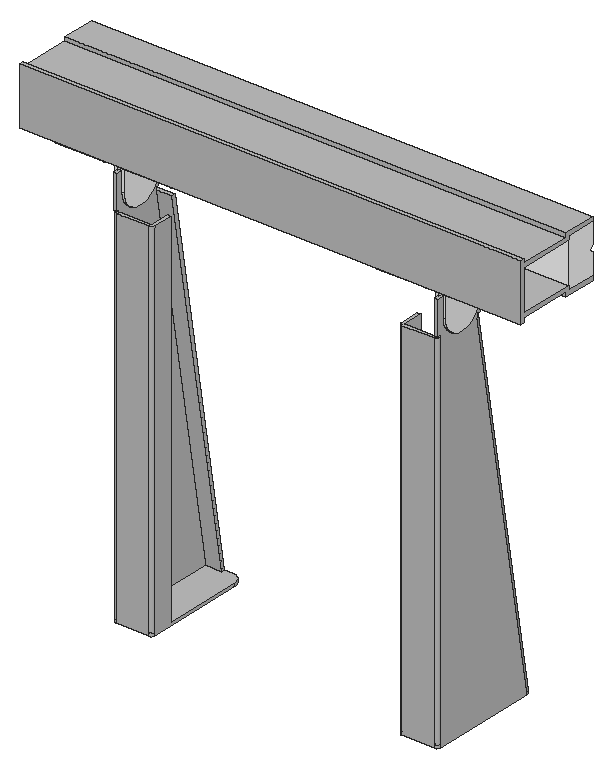
Revit family "4070744+4070746+4070772 Feilo Sylvania Lighting Fixture CURSUS 306MM 207LM OVAL LED3K with CONTINUOUS WALL HOUSING with 250MM WALL BRACKET", category Lighting Fixtures, host Face, Revit 2017
Family settings
  Host = Face
  Round Connector Dimension = Use Diameter
  Part Type = Normal
  OmniClass Number = 23.80.70.14
  OmniClass Title = Luminaries for External Lighting
  Cut with Voids When Loaded = Yes
  Light Source = No
  Shared = No
  Room Calculation Point = No
Parameters (values of type "4070744 CURSUS 306MM 207LM OVAL LED3K")
  Weight = "0.6 kg"
  Wattage Comments = "n/a"
  WarrantyStartDate [instance] = "n/a"
  WarrantyGuarantorParts = "n/a"
  WarrantyDurationUnit = "n/a"
  WarrantyDurationParts = "n/a"
  WarrantyDescription = "n/a"
  Voltage = 24 V
  URL = "http://www.sylvania-lighting.com"
  TypeName = "CURSUS 306MM 207LM OVAL LED3K"
  TypeFixture_FEILO = CURSUS with CONTINUOUS WALL HOUSING : CURSUS 306MM 207LM OVAL LED3K
  Type Image = <None>
  Type Comments = "n/a"
  TiltAngle [instance] = 0.00°
  StartAngle [instance] = TiltAngle + 270.00°  # 270.00°
  SerialNumber [instance] = "n/a"
  ReflectorMaterial = none
  PowerFactor = 0
  PowerConsumption = "4.5 W"
  NominalLength = 306 mm
  NominalHeight = 50 mm
  NominalDepth = 30 mm
  Name = "CURSUS 306MM 207LM OVAL LED3K"
  ModelReference = Name  # "CURSUS 306MM 207LM OVAL LED3K"
  ModelNumber = "4070744"
  Model = Name  # "CURSUS 306MM 207LM OVAL LED3K"
  Material = "natural anodised extruded aluminium structure housing, optical system with pmma lenses diffuser"
  ManufacturerName = "Feilo Sylvania"
  Manufacturer = "Feilo Sylvania"
  LuminousEfficacy = "46 lm/W"
  LuminaireType = ""
  LightOutputRatio = "100"
  LampsType = Lamp  # "LED"
  LampNominalLuminous = "207 lm"
  LampMacAdamStep = "n/a"
  LampColourTemperature = "3000 K"
  LampColourRenderingIndex = "80"
  Lamp = "LED"
  Keynote = "16500"
  InstallationDate [instance] = "n/a"
  InputVoltage = "24V DC"
  InputNominalFrequency = "n/a"
  IngressProtection = "IP67"
  ImpactProtectionIndex = "IK07"
  IfcExportType = "IfcLightFixtureType"
  IfcExportAs = "IfcLightFixtureType"
  ExpectedLife = 50000
  EndAngle [instance] = StartAngle - 180.00°  # 90.00°
  ElectricShockClassification = "Class III"
  DurationUnit = "hours"
  DocumentationLiterature = "http://www.sylvania-lighting.com/product/en-int/products/4070744"
  DimmingControlOptions = "n/a"
  DiffuserMaterial = Diffuser-Sylvania-Glow
  Description = "LED Exterior Lighting Recessed Surface Mounted Linear Fixture, Natural anodised extruded aluminium structure. Die-cast aluminium end caps. Installation kit with harmonic steel springs., 207 lm, 4,5W, 46lm/W, 3000K, CRI80+,non dimmable,IP67, IK07, (HxWxD) 306x50x30mm, 3 step Mac Adam Ellipse, 0.6kg,, Classe III, 21-25V-DC, energy class : A++, A+, A"
  Default Elevation = 1219.2 mm
  CreatedOn = "1/8/2018"
  CreatedBy = ""
  Cost = 0
  built-in parameter 1114216 [instance] = (empty or 0)
  ClassificationValue = "EF_70_80"
  ClassificationName = "Uniclass2015"
  BracketWidth = 24 mm
  BracketThickness = 2 mm
  BracketHeightEnd = 32 mm
  BracketHeight = 70 mm
  BracketFlange = BracketHeight / 5  # 14 mm
  BracketExtension = 250 mm
  BracketEndReduction = 25 mm
  BracketC = 22 mm  # constant formula
  BracketDistance = 175 mm
  BracketD = BracketHeightEnd - (BracketC * (BracketHeight - BracketHeightEnd) / (BracketExtension - BracketEndReduction))  # 28.284 mm
  BodyMaterial = Body-Sylvania-Gray
  BarCode [instance] = "n/a"
  AssetType = "Fixed"
  AssetIdentifier [instance] = "n/a"
  Assembly Code = "D5020200"
  Apparent Load = 4.5 VA
  AccessoryMaterial = Diffuser-Sylvania-Glow
Reference planes
  plane 1 "Center (Front/Back)": y = 0
  plane 2: z = 0
  plane 3 "Center (Left/Right)": x = 0
  plane 4: x = -99.5
  plane 5: x = 99.5
  plane 6: y = 70
  plane 7: x = -75.5
  plane 8: x = 75.5
  plane 9: z = 250
  plane 10: z = 236
  plane 11: z = 2
  plane 12: z = 225
  plane 13: x = -97.5
  plane 14: y = 68
  plane 15: y = 2
  plane 16: x = -77.5
  plane 17: x = 77.5
  plane 18: x = 97.5
  plane 19: x = -87.5
  plane 20: x = 87.5
  plane 21: y = 14
  plane 22: y = 32
  plane 23: y = 30
  plane 24: z = 247
  plane 25: y = 28.284
  plane 26: y = 16
Forms (mm)
  Blend 1, solid, material "Body-Sylvania-Gray" <- "BodyMaterial"
    base sketch origin (1223.4, -4572, 2) x (0, -1, 0) y (1, 0, 0)
      loop
        line (-4640, -1310.9) -> (-4642, -1310.9) -> (-4642, -1320.9)
        arc (-4642, -1320.9) -> (-4641.414, -1322.314) -> (-4640, -1322.9) r 2
        line (-4640, -1322.9) -> (-4574, -1322.9)
        arc (-4574, -1322.9) -> (-4572.586, -1322.314) -> (-4572, -1320.9) r 2
        line (-4572, -1320.9) -> (-4572, -1300.9)
        arc (-4572, -1300.9) -> (-4572.586, -1299.486) -> (-4574, -1298.9) r 2
        line (-4574, -1298.9) -> (-4586, -1298.9) -> (-4586, -1300.9) -> (-4574, -1300.9) -> (-4574, -1320.9) -> (-4640, -1320.9) -> (-4640, -1310.9)
    top sketch origin (1223.4, -4572, 2) x (0, -1, 0) y (1, 0, 0)
      loop
        line (-4586, -1300.9) -> (-4574, -1300.9) -> (-4574, -1320.9) -> (-4602, -1320.9) -> (-4602, -1310.9) -> (-4604, -1310.9) -> (-4604, -1320.9)
        arc (-4604, -1320.9) -> (-4603.52, -1322.21) -> (-4602.309, -1322.9) r 2.028
        line (-4602.309, -1322.9) -> (-4574, -1322.9)
        arc (-4574, -1322.9) -> (-4572.586, -1322.314) -> (-4572, -1320.9) r 2
        line (-4572, -1320.9) -> (-4572, -1300.9)
        arc (-4572, -1300.9) -> (-4572.586, -1299.486) -> (-4574, -1298.9) r 2
        line (-4574, -1298.9) -> (-4586, -1298.9) -> (-4586, -1300.9)
    from 0 to 223
  Extrusion 2, solid, material "Body-Sylvania-Gray" <- "BodyMaterial"
    sketch origin (0, 0, 0) x (1, 0, 0) y (0, 1, 0)
      loop
        arc (-97.5, 70) -> (-98.914, 69.414) -> (-99.5, 68) r 2
        line (-99.5, 68) -> (-99.5, 2)
        arc (-99.5, 2) -> (-98.914, 0.586) -> (-97.5, 0) r 2
        line (-97.5, 0) -> (-77.5, 0)
        arc (-77.5, 0) -> (-76.086, 0.586) -> (-75.5, 2) r 2
        line (-75.5, 2) -> (-75.5, 62.5)
        arc (-75.5, 62.5) -> (-77.697, 67.803) -> (-83, 70) r 7.5
        line (-83, 70) -> (-97.5, 70)
      loop
        line (97.5, 70) -> (83, 70)
        arc (83, 70) -> (77.697, 67.803) -> (75.5, 62.5) r 7.5
        line (75.5, 62.5) -> (75.5, 2)
        arc (75.5, 2) -> (76.086, 0.586) -> (77.5, 0) r 2
        line (77.5, 0) -> (97.5, 0)
        arc (97.5, 0) -> (98.914, 0.586) -> (99.5, 2) r 2
        line (99.5, 2) -> (99.5, 68)
        arc (99.5, 68) -> (98.914, 69.414) -> (97.5, 70) r 2
    from 0 to 2
  Blend 3, solid, material "Body-Sylvania-Gray" <- "BodyMaterial"
    base sketch origin (1223.4, -4572, 2) x (0, -1, 0) y (1, 0, 0)
      loop
        line (-4640, -1125.9) -> (-4574, -1125.9) -> (-4574, -1145.9) -> (-4586, -1145.9) -> (-4586, -1147.9) -> (-4574, -1147.9)
        arc (-4574, -1147.9) -> (-4572.586, -1147.314) -> (-4572, -1145.9) r 2
        line (-4572, -1145.9) -> (-4572, -1125.9)
        arc (-4572, -1125.9) -> (-4572.586, -1124.486) -> (-4574, -1123.9) r 2
        line (-4574, -1123.9) -> (-4640, -1123.9)
        arc (-4640, -1123.9) -> (-4641.414, -1124.486) -> (-4642, -1125.9) r 2
        line (-4642, -1125.9) -> (-4642, -1135.9) -> (-4640, -1135.9) -> (-4640, -1125.9)
    top sketch origin (1223.4, -4572, 2) x (0, -1, 0) y (1, 0, 0)
      loop
        line (-4602, -1135.9) -> (-4602, -1125.9) -> (-4574, -1125.9) -> (-4574, -1145.9) -> (-4586, -1145.9) -> (-4586, -1147.9) -> (-4574, -1147.9)
        arc (-4574, -1147.9) -> (-4572.586, -1147.314) -> (-4572, -1145.9) r 2
        line (-4572, -1145.9) -> (-4572, -1125.9)
        arc (-4572, -1125.9) -> (-4572.586, -1124.486) -> (-4574, -1123.9) r 2
        line (-4574, -1123.9) -> (-4602, -1123.9)
        arc (-4602, -1123.9) -> (-4603.414, -1124.486) -> (-4604, -1125.9) r 2
        line (-4604, -1125.9) -> (-4604, -1135.9) -> (-4602, -1135.9)
    from 0 to 223
  Blend 4, solid, material "Body-Sylvania-Gray" <- "BodyMaterial"
    base sketch origin (1223.4, -4572, 225) x (0, -1, 0) y (1, 0, 0)
      loop
        line (-4604, -1322.9) -> (-4572, -1322.9) -> (-4572, -1320.9) -> (-4604, -1320.9) -> (-4604, -1322.9)
    top sketch origin (1223.4, -4572, 225) x (0, -1, 0) y (1, 0, 0)
      loop
        line (-4572, -1322.9) -> (-4572, -1320.9) -> (-4600.284, -1320.9) -> (-4600.284, -1322.9) -> (-4572, -1322.9)
    from 0 to 22
  Blend 5, solid, material "Body-Sylvania-Gray" <- "BodyMaterial"
    base sketch origin (1223.4, -4572, 225) x (0, -1, 0) y (1, 0, 0)
      loop
        line (-4604, -1125.9) -> (-4572, -1125.9) -> (-4572, -1123.9) -> (-4604, -1123.9) -> (-4604, -1125.9)
    top sketch origin (1223.4, -4572, 225) x (0, -1, 0) y (1, 0, 0)
      loop
        line (-4572, -1123.9) -> (-4600.284, -1123.9) -> (-4600.284, -1125.9) -> (-4572, -1125.9) -> (-4572, -1123.9)
    from 0 to 22
  Extrusion 6, void
    sketch origin (0, 0, 0) x (0, 1, 0) y (0, 0, 1)
      loop
        line (0, 225) -> (2, 225) -> (2, 226.5) -> (0, 226.5) -> (0, 225)
      loop
        line (32, 225) -> (32, 226.5) -> (30, 226.5) -> (30, 225) -> (32, 225)
    from -99.5 to 99.5
  Revolve 7, solid, not visible
    sketch origin (1524, 16, 1219.2) x (1, 0, 0) y (0, 0, 1)
      loop
        line (-1524, -972.2) -> (-1524, -983.2) -> (-1436.5, -983.2) -> (-1436.5, -972.2) -> (-1524, -972.2)
      axis (-1436.5, -983.2) -> (-1524, -983.2)
    angle from 270 <- "StartAngle" to 90 <- "EndAngle"
Cuts and joins
  Extrusion 6 cuts Blend 4
  Extrusion 6 cuts Blend 5
  joined: Blend 1, Extrusion 2, Blend 3, Blend 4, Blend 5
Lines and regions (mm)
  reference lines, not visible
    curve 1: line (-75.5, 16, 236) -> (75.5, 16, 236)
Dimensions and locks
  equal spacing: plane 4, plane 3 "Center (Left/Right)", plane 5
  "BracketDistance": plane 19 to plane 20
  "BracketHeight": plane 1 "Center (Front/Back)" to plane 6
  equal spacing: plane 7, plane 3 "Center (Left/Right)", plane 8
  "BracketWidth": plane 4 to plane 7
  "BracketExtension": plane 9 to plane 2
  "BracketThickness": plane 11 to plane 2
  "BracketEndReduction": plane 9 to plane 12
  equal spacing: plane 13, plane 3 "Center (Left/Right)", plane 18
  equal spacing: plane 16, plane 3 "Center (Left/Right)", plane 17
  "BracketThickness": plane 4 to plane 13
  "BracketThickness": plane 16 to plane 7
  "BracketThickness": plane 14 to plane 6
  "BracketThickness": plane 1 "Center (Front/Back)" to plane 15
  equal spacing: plane 4, plane 19, plane 7
  equal spacing: plane 8, plane 20, plane 5
  "BracketFlange": plane 1 "Center (Front/Back)" to plane 21
  "BracketHeightEnd": plane 1 "Center (Front/Back)" to plane 22
  "BracketThickness": plane 23 to plane 22
  locked: Extrusion 2 sketch curve to plane 7 at 7.5
  locked: Extrusion 2 sketch curve to plane 6 at 7.5  (x2)
  locked: plane 8 to Extrusion 2 sketch curve at 7.5
  "BracketC": plane 24 to plane 12
  "BracketD": plane 1 "Center (Front/Back)" to plane 25
  locked: plane 12 to Extrusion 6 sketch curve at 1.5
  equal spacing: plane 24, plane 10, plane 12
  equal spacing: plane 1 "Center (Front/Back)", plane 26, plane 22
  aligned and locked: plane 2 to host face
  aligned and locked: level to host face
  aligned and locked: plane 4 to Blend 1 sketch curve  (x2)
  aligned and locked: plane 13 to Blend 1 sketch curve  (x3)
  aligned and locked: Blend 1 sketch curve to plane 15
  aligned and locked: Blend 1 sketch curve to plane 16
  aligned and locked: Blend 1 sketch curve to plane 21
  aligned and locked: plane 7 to Blend 1 sketch curve
  aligned and locked: plane 16 to Blend 1 sketch curve
  aligned and locked: plane 1 "Center (Front/Back)" to Blend 1 sketch curve
  aligned and locked: plane 14 to Blend 1 sketch curve
  aligned and locked: Blend 1 sketch curve to var sketch  (x6)
  aligned and locked: Blend 1 sketch curve to plane 19
  aligned and locked: Blend 1 sketch curve to plane 22
  aligned and locked: plane 23 to Blend 1 sketch curve
  aligned and locked: plane 11 to Blend 1
  aligned and locked: Extrusion 2 sketch curve to Blend 1  (x3)
  aligned and locked: Extrusion 2 to level
  aligned and locked: Extrusion 2 to plane 11
  aligned and locked: Extrusion 2 sketch curve to plane 7
  aligned and locked: plane 18 to Blend 3 sketch curve  (x4)
  aligned and locked: plane 14 to Blend 3 sketch curve  (x2)
  aligned and locked: Blend 3 sketch curve to plane 20
  aligned and locked: Blend 3 sketch curve to plane 6
  aligned and locked: plane 5 to Blend 3 sketch curve
  aligned and locked: plane 1 "Center (Front/Back)" to Blend 3 sketch curve
  aligned and locked: plane 15 to Blend 3 sketch curve  (x2)
  aligned and locked: Blend 3 sketch curve to plane 8
  aligned and locked: Blend 3 sketch curve to plane 21
  aligned and locked: plane 17 to Blend 3 sketch curve
  aligned and locked: Blend 3 sketch curve to plane 18
  aligned and locked: plane 20 to Blend 3 sketch curve  (x2)
  aligned and locked: Blend 3 sketch curve to plane 23
  aligned and locked: Blend 3 sketch curve to var sketch  (x8)
  aligned and locked: var sketch to Blend 3 sketch curve
  aligned and locked: plane 22 to Blend 3 sketch curve
  aligned and locked: plane 11 to Blend 3
  aligned and locked: Extrusion 2 sketch curve to Blend 3  (x4)
  aligned and locked: Blend 1 to plane 12
  aligned and locked: Blend 3 to plane 12
  aligned and locked: Blend 4 sketch curve to plane 22
  aligned and locked: Blend 4 sketch curve to cut or joined group of Blend 1, Extrusion 2, Blend 3, Blend 4, Blend 5, Extrusion 6  (x2)
  aligned and locked: cut or joined group of Blend 1, Extrusion 2, Blend 3, Blend 4, Blend 5, Extrusion 6 to Blend 4 sketch curve
  aligned and locked: Blend 4 sketch curve to var sketch  (x2)
  aligned and locked: Blend 4 sketch curve to plane 13
  aligned and locked: Blend 4 to plane 24
  aligned and locked: Blend 4 sketch curve to plane 25
  aligned and locked: Blend 5 sketch curve to plane 18  (x2)
  aligned and locked: plane 1 "Center (Front/Back)" to Blend 5 sketch curve
  aligned and locked: plane 5 to Blend 5 sketch curve
  aligned and locked: plane 22 to Blend 5 sketch curve
  aligned and locked: Blend 5 sketch curve to var sketch
  aligned and locked: var sketch to Blend 5 sketch curve
  aligned and locked: Blend 5 sketch curve to plane 25
  aligned and locked: Blend 5 to plane 24
  aligned and locked: plane 12 to Blend 5
  aligned and locked: Extrusion 6 sketch curve to cut or joined group of Blend 1, Extrusion 2, Blend 3, Blend 4, Blend 5, Extrusion 6  (x2)
  aligned and locked: Extrusion 6 sketch curve to Extrusion 6 sketch curve
  aligned and locked: Extrusion 6 sketch curve to plane 15
  aligned and locked: plane 5 to Extrusion 6
  aligned and locked: Extrusion 6 to plane 4
  aligned and locked: Extrusion 6 sketch curve to plane 23
  aligned and locked: Revolve 7 sketch curve to plane 10  (x2)
  aligned and locked: plane 24 to Revolve 7 sketch curve
  aligned and locked: plane 3 "Center (Left/Right)" to Revolve 7 sketch curve
  aligned and locked: Revolve 7 sketch curve to plane 20
  aligned and locked: plane 7 to curve 1
  aligned and locked: plane 10 to curve 1
  aligned and locked: nested 1 to plane 5
  aligned and locked: nested 2 to plane 4
  aligned and locked: nested 1 to curve 1
  aligned and locked: nested 2 to curve 1
  aligned and locked: nested 3 to plane 3 "Center (Left/Right)"
  aligned and locked: nested 1 to nested 3
Automatic sketch dimensions
  host sketch curve to host sketch curve = 2438.4 mm  (x2)
  Blend 1 sketch curve to plane 13 = 0 mm
  plane 15 to Blend 1 sketch curve = 0 mm  (x3)
  Blend 1 sketch curve to plane 23 = 0.309 mm
  plane 6 to Blend 1 sketch curve = 0 mm
  plane 14 to Blend 1 sketch curve = 0 mm
  Blend 1 sketch curve to plane 19 = 0 mm
  Blend 3 sketch curve to plane 17 = 0 mm
  Extrusion 6 sketch curve to plane 1 "Center (Front/Back)" = 0 mm
  plane 12 to Extrusion 6 sketch curve = 0 mm
  Revolve 7 sketch curve to plane 4 = 1153 mm
  plane 5 to Revolve 7 sketch curve = 1161.4 mm
  curve 1 to plane 8 = 0 mm
Nested families
  nested 1: "MountingPlate" at (98.5, 16, 236) x (-1, 0, 0) z (0, 0, 1), type "MountingPlate"
  nested 2: "MountingPlate" at (-98.5, 16, 236) x (-1, 0, 0) z (0, 0, 1), type "MountingPlate"
  nested 3: "CURSUS with CONTINUOUS WALL HOUSING" at (0, -4, 254) x (-1, 0, 0) z (0, 0, 1), type <- "TypeFixture_FEILO", type "CURSUS 306MM 207LM OVAL LED3K"
    with WarrantyStartDate "n/a", SerialNumber "n/a", InstallationDate "n/a", EndCapRight no, EndCapLeft no, built-in parameter 1114216 (empty or 0), BarCode "n/a", AssetIdentifier "n/a"
Connectors
  electrical at (0, 0, 0), driven by "Voltage", driven by "Apparent Load", driven by "PowerFactor"
    settings: index 1, voltage 24 V, apparent load 4.5 VA, apparent load phase1 0 VA, apparent load phase2 0 VA, apparent load phase3 0 VA, power factor 0, load classification "Other", number of poles 1, system type 30, power factor state 1, is connector primary yes, connector utility no, sub classification motor no, connector description ""
Definition of nested family "MountingPlate"
  Parameters (values of type "MountingPlate")
    URL = "http://www.feilosylvania.com"
    Type Comments = "n/a"
    ReflectorMaterial = none
    MountingPlateWidth = 76 mm
    MountingPlateThickness = 2 mm
    MountingPlateRadiusBack = 12 mm
    MountingPlateRadius = 3 mm
    MountingPlateHeight = 35 mm
    Model = "n/a"
    Manufacturer = "Feilo Sylvania"
    Keynote = "n/a"
    DiffuserMaterial = none
    Description = "n/a"
    Default Elevation = 1219.2 mm
    Cost = 0
    BodyMaterial = none
    Assembly Code = "n/a"
    AccessoryMaterial = none
  Reference planes
    plane 1 "Center (Front/Back)": y = 0
    plane 2: z = 0
    plane 3 "Center (Left/Right)": x = 0
    plane 4: x = -38
    plane 5: x = 38
    plane 6: y = 17.5
    plane 7: y = -17.5
    plane 8: x = -3
    plane 9: x = 3
    plane 10: z = 18
    plane 11: z = 16
    plane 12: y = 12.5
    plane 13: y = -12.5
    plane 14: x = -1
    plane 15: x = 1
    plane 16: z = -12.5
    plane 17: z = -14.5
  Forms (mm)
    Extrusion 1, solid
      sketch origin (1.653, 0, 0) x (1, 0, 0) y (0, 1, 0)
        loop
          line (-1219.2, 1219.2) -> (-1219.2, -1219.2) -> (1219.2, -1219.2) -> (1219.2, 1219.2) -> (-1219.2, 1219.2)
      from 0 to -304.8
    Extrusion 2, solid, material <- "BodyMaterial"
      sketch origin (1218.4, -4572, 16) x (0, -1, 0) y (-1, 0, 0)
        loop
          line (-4589.5, 1253.4) -> (-4589.5, 1224.4)
          arc (-4589.5, 1224.4) -> (-4588.621, 1222.279) -> (-4586.5, 1221.4) r 3
          line (-4586.5, 1221.4) -> (-4557.5, 1221.4)
          arc (-4557.5, 1221.4) -> (-4555.379, 1222.279) -> (-4554.5, 1224.4) r 3
          line (-4554.5, 1224.4) -> (-4554.5, 1253.4)
          arc (-4554.5, 1253.4) -> (-4555.379, 1255.521) -> (-4557.5, 1256.4) r 3
          line (-4557.5, 1256.4) -> (-4586.5, 1256.4)
          arc (-4586.5, 1256.4) -> (-4588.621, 1255.521) -> (-4589.5, 1253.4) r 3
        loop
          arc (-4589.5, 1183.4) -> (-4588.621, 1181.279) -> (-4586.5, 1180.4) r 3
          line (-4586.5, 1180.4) -> (-4557.5, 1180.4)
          arc (-4557.5, 1180.4) -> (-4555.379, 1181.279) -> (-4554.5, 1183.4) r 3
          line (-4554.5, 1183.4) -> (-4554.5, 1212.4)
          arc (-4554.5, 1212.4) -> (-4555.379, 1214.521) -> (-4557.5, 1215.4) r 3
          line (-4557.5, 1215.4) -> (-4586.5, 1215.4)
          arc (-4586.5, 1215.4) -> (-4588.621, 1214.521) -> (-4589.5, 1212.4) r 3
          line (-4589.5, 1212.4) -> (-4589.5, 1183.4)
      from 0 to -2
    Extrusion 3, solid, material <- "BodyMaterial"
      sketch origin (0, 0, 0) x (1, 0, 0) y (0, 0, 1)
        loop
          line (-3, 18) -> (-3, -12.5) -> (-1, -12.5) -> (-1, 16)
          arc (-1, 16) -> (-1.586, 17.414) -> (-3, 18) r 2
        loop
          line (3, -12.5) -> (3, 18)
          arc (3, 18) -> (1.586, 17.414) -> (1, 16) r 2
          line (1, 16) -> (1, -12.5) -> (3, -12.5)
      from -12.5 to 12.5
    Extrusion 4, void
      sketch origin (0, 0, 0) x (0, 1, 0) y (0, 0, 1)
        loop
          line (-12.5, -0.5) -> (-17.5, -0.5) -> (-17.5, -14.5) -> (-0.5, -14.5) -> (-0.5, -12.5)
          arc (-0.5, -12.5) -> (-8.985, -8.985) -> (-12.5, -0.5) r 12
        loop
          line (0.5, -12.5) -> (0.5, -14.5) -> (17.5, -14.5) -> (17.5, -0.5) -> (12.5, -0.5)
          arc (12.5, -0.5) -> (8.985, -8.985) -> (0.5, -12.5) r 12
      from -3 to 3
  Cuts and joins
    Extrusion 4 cuts Extrusion 2
    Extrusion 4 cuts Extrusion 3
    joined: Extrusion 2, Extrusion 3
  Lines and regions (mm)
    reference lines
      curve 1: line (-38, 0, 0) -> (38, 0, 0)
  Dimensions and locks
    equal spacing: plane 4, plane 3 "Center (Left/Right)", plane 5
    "MountingPlateWidth": plane 4 to plane 5
    equal spacing: plane 7, plane 1 "Center (Front/Back)", plane 6
    "MountingPlateHeight": plane 7 to plane 6
    equal spacing: plane 8, plane 3 "Center (Left/Right)", plane 9
    "MountingPlateHeight": plane 4 to plane 8
    locked: plane 10 to plane 2 at 18
    "MountingPlateThickness": plane 10 to plane 11
    equal spacing: plane 13, plane 1 "Center (Front/Back)", plane 12
    locked: plane 13 to plane 12 at 25
    "MountingPlateRadius": plane 4 to Extrusion 2 sketch curve  (x2)
    "MountingPlateRadius": Extrusion 2 sketch curve to plane 6  (x4)
    "MountingPlateRadius": Extrusion 2 sketch curve to plane 8  (x2)
    "MountingPlateRadius": plane 7 to Extrusion 2 sketch curve  (x4)
    "MountingPlateRadius": plane 9 to Extrusion 2 sketch curve  (x2)
    "MountingPlateRadius": Extrusion 2 sketch curve to plane 5  (x2)
    equal spacing: plane 15, plane 3 "Center (Left/Right)", plane 14
    "MountingPlateThickness": plane 14 to plane 8
    locked: plane 2 to plane 16 at 12.5
    locked: plane 17 to plane 16 at 2
    "MountingPlateRadiusBack": plane 13 to Extrusion 4 sketch curve
    "MountingPlateRadiusBack": plane 16 to Extrusion 4 sketch curve  (x2)
    "MountingPlateRadiusBack": Extrusion 4 sketch curve to plane 12
    aligned and locked: plane 2 to Extrusion 1
    aligned and locked: level to Extrusion 1
    aligned and locked: Extrusion 2 sketch curve to plane 6
    aligned and locked: Extrusion 2 sketch curve to plane 4
    aligned and locked: plane 7 to Extrusion 2 sketch curve
    aligned and locked: plane 8 to Extrusion 2 sketch curve
    aligned and locked: plane 6 to Extrusion 2 sketch curve
    aligned and locked: Extrusion 2 sketch curve to plane 5
    aligned and locked: Extrusion 2 sketch curve to plane 7
    aligned and locked: plane 9 to Extrusion 2 sketch curve
    aligned and locked: Extrusion 2 to plane 10
    aligned and locked: plane 11 to Extrusion 2
    aligned and locked: Extrusion 3 sketch curve to Extrusion 2  (x2)
    aligned and locked: plane 16 to Extrusion 3 sketch curve  (x2)
    aligned and locked: plane 14 to Extrusion 3 sketch curve
    aligned and locked: plane 9 to Extrusion 3 sketch curve
    aligned and locked: plane 15 to Extrusion 3 sketch curve
    aligned and locked: Extrusion 3 to plane 12
    aligned and locked: plane 13 to Extrusion 3
    aligned and locked: plane 17 to Extrusion 4 sketch curve  (x2)
    aligned and locked: Extrusion 4 sketch curve to plane 7
    aligned and locked: Extrusion 4 sketch curve to plane 6
    aligned and locked: plane 9 to Extrusion 4
    aligned and locked: Extrusion 4 to plane 8
    aligned and locked: plane 4 to curve 1
    aligned and locked: curve 1 to level
  Automatic sketch dimensions
    Extrusion 1 sketch curve to Extrusion 1 sketch curve = 2438.4 mm  (x2)
    Extrusion 3 sketch curve to plane 11 = 0 mm
    curve 1 to plane 5 = 0 mm
    Extrusion 4 sketch curve to plane 13 = 0 mm
    Extrusion 4 sketch curve to plane 12 = 0 mm
Definition of nested family "CURSUS with CONTINUOUS WALL HOUSING"
  Parameters (values of type "CURSUS 1161MM 827LM OVAL LED 3K")
    Width_FEILO = 35 mm
    Weight = "2.2 kg"
    Wattage Comments = "n/a"
    Wattage = 18 W
    WarrantyStartDate [instance] = "n/a"
    WarrantyGuarantorParts = "n/a"
    WarrantyDurationUnit = "n/a"
    WarrantyDurationParts = "n/a"
    WarrantyDescription = "n/a"
    WallThickness_FEILO = 2.5 mm
    built-in parameter 1150110 = 1 (stored number, unit not read)
    Voltage = 24 V
    URL = "http://www.feilosylvania.com"
    TypeName = "CURSUS 1161MM 827LM OVAL LED 3K"
    Type Image = (empty or 0)
    Type Comments = "n/a"
    built-in parameter 1114217 = 1 (stored number, unit not read)
    Tilt Angle = -90.00°
    built-in parameter 1150109 = 1 (stored number, unit not read)
    built-in parameter 1150134 = (empty or 0)
    built-in parameter 1150113 = 1 (stored number, unit not read)
    SerialNumber [instance] = "n/a"
    ReflectorMaterial = none
    PowerFactor = 0
    PowerConsumption = "18 W"
    Photometric Web File = "4070765.ies"
    NominalLength = 1161 mm
    NominalHeight = 50 mm
    NominalDepth = 30 mm
    Name = "CURSUS 1161MM 827LM OVAL LED 3K"
    ModelReference = Name  # "CURSUS 1161MM 827LM OVAL LED 3K"
    ModelNumber = ""
    Model = Name  # "CURSUS 1161MM 827LM OVAL LED 3K"
    Material = "natural anodised extruded aluminium structure housing, optical system with pmma lenses diffuser"
    ManufacturerName = "Feilo Sylvania"
    Manufacturer = "Feilo Sylvania"
    LuminousEfficacy = "45.94 lm/W"
    built-in parameter 1150105 = 65.811 (stored number, unit not read)
    Lumens = 827 lm
    LuminaireType = ""
    built-in parameter 1150115 = 1 (stored number, unit not read)
    LightOutputRatio = "100"
    built-in parameter 1150137 = (empty or 0)
    built-in parameter 1150139 = (empty or 0)
    Length_FEILO = 1167 mm
    LampsType = Lamp  # "LED"
    LampNominalLuminous = "827 lm"
    LampMacAdamStep = "n/a"
    LampColourTemperature = "3000 K"
    LampColourRenderingIndex = "80"
    built-in parameter 1150112 = 1 (stored number, unit not read)
    built-in parameter 1150114 = 1 (stored number, unit not read)
    Lamp = "LED"
    Keynote = "16500"
    InstallationDate [instance] = "n/a"
    InputVoltage = "24V DC"
    InputNominalFrequency = "n/a"
    built-in parameter 1150132 = (empty or 0)
    built-in parameter 1150102 = (empty or 0)
    built-in parameter 1150107 = 3000 (stored number, unit not read)
    built-in parameter 1150138 = (empty or 0)
    IngressProtection = "IP67"
    ImpactProtectionIndex = "IK07"
    built-in parameter 1150106 = 0.65811 (stored number, unit not read)
    IfcExportType = "IfcLightFixtureType"
    IfcExportAs = "IfcLightFixtureType"
    ExpectedLife = 50000
    EndCapRight [instance] = no
    EndCapLeft [instance] = no
    Emit from Rectangle Width = Width_FEILO - WallThickness_FEILO * 2  # 30 mm
    Emit from Rectangle Length = Length_FEILO - WallThickness_FEILO * 2  # 1162 mm
    Emit Shape Visible in Rendering = no
    ElectricShockClassification = "Class III"
    built-in parameter 1150104 = 4.2684 (stored number, unit not read)
    DurationUnit = "hours"
    DocumentationLiterature = "http://www.feilosylvania.com/product/en-int/products/4070765"
    DimmingControlOptions = "n/a"
    Dimming Lamp Color Temperature Shift = (empty or 0)
    DiffuserMaterial = none
    Description = "LED Exterior Lighting Recessed Surface Mounted Linear Fixture, Natural anodised extruded aluminium structure. Die-cast aluminium end caps. Installation kit with harmonic steel springs., 827 lm, 18W, 45lm/W, 3000K, CRI80+,non dimmable,IP67, IK07, (HxWxD) 1161x50x30mm, 3 step Mac Adam Ellipse, 2.2kg,, Classe III, 21-25V-DC, energy class : A++, A+, A"
    Default Elevation = 1219.2 mm
    CreatedOn = "1/8/2018"
    CreatedBy = "aron.fodor@feilosylvania.com"
    Cost = 0
    Color Filter = 16777215
    built-in parameter 1114216 [instance] = (empty or 0)
    ClassificationValue = "EF_70_80"
    ClassificationName = "Uniclass2015"
    BodyMaterial = none
    BarCode [instance] = "n/a"
    built-in parameter 1114218 = 1 (stored number, unit not read)
    built-in parameter 1150133 = 10 (stored number, unit not read)
    AssetType = "Fixed"
    AssetIdentifier [instance] = "n/a"
    Assembly Code = "D5020200"
    Apparent Load = 18 VA
    AccessoryMaterial = none
  Types (16, lengths in mm): name | Weight | Wattage | Voltage | TypeName | built-in parameter 1150134 | PowerConsumption | Photometric Web File | NominalLength | Name | ModelReference | Model | Material | LuminousEfficacy | built-in parameter 1150105 | Lumens | Length_FEILO | LampNominalLuminous | LampColourTemperature | InputVoltage | InputNominalFrequency | built-in parameter 1150107 | built-in parameter 1150106 | Emit from Rectangle Length | built-in parameter 1150104 | DocumentationLiterature | Description | Apparent Load
    CURSUS 1161MM 827LM OVAL LED 3K | "2.2 kg" | 18 W | 24 V | "CURSUS 1161MM 827LM OVAL LED 3K" | (empty or 0) | "18 W" | "4070765.ies" | 1161 | "CURSUS 1161MM 827LM OVAL LED 3K" | "CURSUS 1161MM 827LM OVAL LED 3K" | "CURSUS 1161MM 827LM OVAL LED 3K" | "natural anodised extruded aluminium structure housing, optical system with pmma lenses diffuser" | "45.94 lm/W" | 65.811 (stored number, unit not read) | 827 lm | 1167 | "827 lm" | "3000 K" | "24V DC" | "n/a" | 3000 (stored number, unit not read) | 0.65811 (stored number, unit not read) | 1162 | 4.2684 (stored number, unit not read) | "http://www.feilosylvania.com/product/en-int/products/4070765" | "LED Exterior Lighting Recessed Surface Mounted Linear Fixture, Natural anodised extruded aluminium structure. Die-cast aluminium end caps. Installation kit with harmonic steel springs., 827 lm, 18W, 45lm/W, 3000K, CRI80+,non dimmable,IP67, IK07, (HxWxD) 1161x50x30mm, 3 step Mac Adam Ellipse, 2.2kg,, Classe III, 21-25V-DC, energy class : A++, A+, A" | 18 VA
    CURSUS 1161MM 731LM WIDE LED 3K | "2.2 kg" | 18 W | 230 V | "CURSUS 1161MM 731LM WIDE LED 3K" | (empty or 0) | "18 W" | "4070764.ies" | 1161 | "CURSUS 1161MM 731LM WIDE LED 3K" | "CURSUS 1161MM 731LM WIDE LED 3K" | "CURSUS 1161MM 731LM WIDE LED 3K" | "natural anodised extruded aluminium structure housing" | "40.61 lm/W" | 58.171 (stored number, unit not read) | 731 lm | 1167 | "731 lm" | "3000 K" | "220-240V~" | "n/a" | 3000 (stored number, unit not read) | 0.58171 (stored number, unit not read) | 1162 | 3.7729 (stored number, unit not read) | "http://www.feilosylvania.com/product/en-int/products/4070764" | "LED Exterior Lighting Recessed Surface Mounted Linear Fixture, Natural anodised extruded aluminium structure. Die-cast aluminium end caps. Installation kit with harmonic steel springs., 731 lm, 18W, 40lm/W, 3000K, CRI80+,non dimmable,IP67, IK07, (HxWxD) 1161x50x30mm, 3 step Mac Adam Ellipse, 2.2kg,, Classe III, 21-25V-DC, energy class : A++, A+, A" | 18 VA
    CURSUS 1161MM 871LM OVAL LED 4K | "2.2 kg" | 18 W | 24 V | "CURSUS 1161MM 871LM OVAL LED 4K" | 12 | "18 W" | "4070763.ies" | 1161 | "CURSUS 1161MM 871LM OVAL LED 4K" | "CURSUS 1161MM 871LM OVAL LED 4K" | "CURSUS 1161MM 871LM OVAL LED 4K" | "natural anodised extruded aluminium structure housing, optical system with pmma lenses diffuser" | "48.38 lm/W" | 69.312 (stored number, unit not read) | 871 lm | 1167 | "871 lm" | "4000 K" | "24V DC" | "50/60 Hz" | 4000 (stored number, unit not read) | 0.69312 (stored number, unit not read) | 1162 | 4.4955 (stored number, unit not read) | "http://www.feilosylvania.com/product/en-int/products/4070763" | "LED Exterior Lighting Recessed Surface Mounted Linear Fixture, Natural anodised extruded aluminium structure. Die-cast aluminium end caps. Installation kit with harmonic steel springs., 871 lm, 18W,  48lm/W, 4000K, CRI80+,non dimmable,IP67, IK07, (HxWxD) 1161x50x30mm, 3 step Mac Adam Ellipse, 2.2kg,, Classe III, 21-25V-DC, energy class : A++, A+, A" | 18 VA
    CURSUS 1161MM 770LM WIDE LED 4K | "2.2 kg" | 18 W | 230 V | "CURSUS 1161MM 770LM WIDE LED 4K" | 12 | "18 W" | "4070762.ies" | 1161 | "CURSUS 1161MM 770LM WIDE LED 4K" | "CURSUS 1161MM 770LM WIDE LED 4K" | "CURSUS 1161MM 770LM WIDE LED 4K" | "natural anodised extruded aluminium structure housing" | "42.77 lm/W" | 61.275 (stored number, unit not read) | 770 lm | 1167 | "770 lm" | "4000 K" | "220-240V~" | "n/a" | 4000 (stored number, unit not read) | 0.61275 (stored number, unit not read) | 1162 | 3.9742 (stored number, unit not read) | "http://www.feilosylvania.com/product/en-int/products/4070762" | "LED Exterior Lighting Recessed Surface Mounted Linear Fixture, Natural anodised extruded aluminium structure. Die-cast aluminium end caps. Installation kit with harmonic steel springs., 770 lm, 18W,  42lm/W, 4000K, CRI80+,non dimmable,IP67, IK07, (HxWxD) 1161x50x30mm, 3 step Mac Adam Ellipse, 2.2kg,, Classe III, 21-25V-DC, energy class : A++, A+, A" | 18 VA
    CURSUS 876MM 620LM OVAL LED 3K | "1.7 kg" | 13.5 W | 24 V | "CURSUS 876MM 620LM OVAL LED 3K" | (empty or 0) | "13.5 W" | "4070758.ies" | 876 | "CURSUS 876MM 620LM OVAL LED 3K" | "CURSUS 876MM 620LM OVAL LED 3K" | "CURSUS 876MM 620LM OVAL LED 3K" | "natural anodised extruded aluminium structure housing, optical system with pmma lenses diffuser" | "45.92 lm/W" | 49.338 (stored number, unit not read) | 620 lm | 882 | "620 lm" | "3000 K" | "24V DC" | "50/60 Hz" | 3000 (stored number, unit not read) | 0.49338 (stored number, unit not read) | 877 | 4.2667 (stored number, unit not read) | "http://www.feilosylvania.com/product/en-int/products/4070758" | "LED Exterior Lighting Recessed Surface Mounted Linear Fixture, Natural anodised extruded aluminium structure. Die-cast aluminium end caps. Installation kit with harmonic steel springs., 620 lm, 13,5W, 45lm/W, 3000K, CRI80+,non dimmable,IP67, IK07, (HxWxD) 876x50x30mm, 3 step Mac Adam Ellipse, 1.7kg,, Classe III, 21-25V-DC, energy class : A++, A+, A" | 13.5 VA
    CURSUS 876MM 548LM WIDE LED 3K | "1.7 kg" | 13.5 W | 24 V | "CURSUS 876MM 548LM WIDE LED 3K" | (empty or 0) | "13.5 W" | "4070757.ies" | 876 | "CURSUS 876MM 548LM WIDE LED 3K" | "CURSUS 876MM 548LM WIDE LED 3K" | "CURSUS 876MM 548LM WIDE LED 3K" | "natural anodised extruded aluminium structure housing" | "40.59 lm/W" | 43.608 (stored number, unit not read) | 548 lm | 882 | "548 lm" | "3000 K" | "24V DC" | "n/a" | 3000 (stored number, unit not read) | 0.43608 (stored number, unit not read) | 877 | 3.7712 (stored number, unit not read) | "http://www.feilosylvania.com/product/en-int/products/4070757" | "LED Exterior Lighting Recessed Surface Mounted Linear Fixture, Natural anodised extruded aluminium structure. Die-cast aluminium end caps. Installation kit with harmonic steel springs., 548 lm, 13,5W, 40lm/W, 3000K, CRI80+,non dimmable,IP67, IK07, (HxWxD) 876x50x30mm, 3 step Mac Adam Ellipse, 1.7kg,, Classe III, 21-25V-DC, energy class : A++, A+, A" | 13.5 VA
    CURSUS 876MM 653LM OVAL LED 4K | "1.7 kg" | 13.5 W | 24 V | "CURSUS 876MM 653LM OVAL LED 4K" | 12 | "13.5 W" | "4070756.ies" | 876 | "CURSUS 876MM 653LM OVAL LED 4K" | "CURSUS 876MM 653LM OVAL LED 4K" | "CURSUS 876MM 653LM OVAL LED 4K" | "natural anodised extruded aluminium structure housing, optical system with pmma lenses diffuser" | "48.37 lm/W" | 51.964 (stored number, unit not read) | 653 lm | 882 | "653 lm" | "4000 K" | "24V DC" | "n/a" | 4000 (stored number, unit not read) | 0.51964 (stored number, unit not read) | 877 | 4.4938 (stored number, unit not read) | "http://www.feilosylvania.com/product/en-int/products/4070756" | "LED Exterior Lighting Recessed Surface Mounted Linear Fixture, Natural anodised extruded aluminium structure. Die-cast aluminium end caps. Installation kit with harmonic steel springs., 653 lm, 13,5W,  48lm/W, 4000K, CRI80+,non dimmable,IP67, IK07, (HxWxD) 876x50x30mm, 3 step Mac Adam Ellipse, 1.7kg,, Classe III, 21-25V-DC, energy class : A++, A+, A" | 13.5 VA
    CURSUS 876MM 577LM WIDE LED 4K | "1.7 kg" | 13.5 W | 24 V | "CURSUS 876MM 577LM WIDE LED 4K" | 12 | "13.5 W" | "4070755.ies" | 876 | "CURSUS 876MM 577LM WIDE LED 4K" | "CURSUS 876MM 577LM WIDE LED 4K" | "CURSUS 876MM 577LM WIDE LED 4K" | "natural anodised extruded aluminium structure housing" | "42.74 lm/W" | 45.916 (stored number, unit not read) | 577 lm | 882 | "577 lm" | "4000 K" | "24V DC" | "n/a" | 4000 (stored number, unit not read) | 0.45916 (stored number, unit not read) | 877 | 3.9707 (stored number, unit not read) | "http://www.feilosylvania.com/product/en-int/products/4070755" | "LED Exterior Lighting Recessed Surface Mounted Linear Fixture, Natural anodised extruded aluminium structure. Die-cast aluminium end caps. Installation kit with harmonic steel springs., 577 lm, 13,5W,  42lm/W, 4000K, CRI80+,non dimmable,IP67, IK07, (HxWxD) 876x50x30mm, 3 step Mac Adam Ellipse, 1.7kg,, Classe III, 21-25V-DC, energy class : A++, A+, A" | 13.5 VA
    CURSUS 591MM 414LM OVAL LED 3K | "1.2 kg" | 9 W | 24 V | "CURSUS 591MM 414LM OVAL LED 3K" | (empty or 0) | "9 W" | "4070751.ies" | 591 | "CURSUS 591MM 414LM OVAL LED 3K" | "CURSUS 591MM 414LM OVAL LED 3K" | "CURSUS 591MM 414LM OVAL LED 3K" | "natural anodised extruded aluminium structure housing, optical system with pmma lenses diffuser" | "46 lm/W" | 32.945 (stored number, unit not read) | 414 lm | 597 | "414 lm" | "3000 K" | "24V DC" | "n/a" | 3000 (stored number, unit not read) | 0.32945 (stored number, unit not read) | 592 | 4.2735 (stored number, unit not read) | "http://www.feilosylvania.com/product/en-int/products/4070751" | "LED Exterior Lighting Recessed Surface Mounted Linear Fixture, Natural anodised extruded aluminium structure. Die-cast aluminium end caps. Installation kit with harmonic steel springs., 414 lm, 9W, 46lm/W, 3000K, CRI80+,non dimmable,IP67, IK07, (HxWxD) 591x50x30mm, 3 step Mac Adam Ellipse, 1.2kg,, Classe III, 21-25V-DC, energy class : A++, A+, A" | 9 VA
    CURSUS 591MM 365LM WIDE LED 3K | "1.2 kg" | 9 W | 24 V | "CURSUS 591MM 365LM WIDE LED 3K" | (empty or 0) | "9 W" | "4070750.ies" | 591 | "CURSUS 591MM 365LM WIDE LED 3K" | "CURSUS 591MM 365LM WIDE LED 3K" | "CURSUS 591MM 365LM WIDE LED 3K" | "natural anodised extruded aluminium structure housing" | "40.55 lm/W" | 29.046 (stored number, unit not read) | 365 lm | 597 | "365 lm" | "3000 K" | "24V DC" | "n/a" | 3000 (stored number, unit not read) | 0.29046 (stored number, unit not read) | 592 | 3.7677 (stored number, unit not read) | "http://www.feilosylvania.com/product/en-int/products/4070750" | "LED Exterior Lighting Recessed Surface Mounted Linear Fixture, Natural anodised extruded aluminium structure. Die-cast aluminium end caps. Installation kit with harmonic steel springs., 365 lm, 9W, 40lm/W, 3000K, CRI80+,non dimmable,IP67, IK07, (HxWxD) 591x50x30mm, 3 step Mac Adam Ellipse, 1.2kg,, Classe III, 21-25V-DC, energy class : A++, A+, A" | 9 VA
    CURSUS 591MM 435LM OVAL LED 4K | "1.2 kg" | 9 W | 24 V | "CURSUS 591MM 435LM OVAL LED 4K" | 12 | "9 W" | "4070749.ies" | 591 | "CURSUS 591MM 435LM OVAL LED 4K" | "CURSUS 591MM 435LM OVAL LED 4K" | "CURSUS 591MM 435LM OVAL LED 4K" | "natural anodised extruded aluminium structure housing, optical system with pmma lenses diffuser" | "48.33 lm/W" | 34.616 (stored number, unit not read) | 435 lm | 597 | "435 lm" | "4000 K" | "24V DC" | "n/a" | 4000 (stored number, unit not read) | 0.34616 (stored number, unit not read) | 592 | 4.4903 (stored number, unit not read) | "http://www.feilosylvania.com/product/en-int/products/4070749" | "LED Exterior Lighting Recessed Surface Mounted Linear Fixture, Natural anodised extruded aluminium structure. Die-cast aluminium end caps. Installation kit with harmonic steel springs., 435 lm, 9W, 48lm/W, 4000K, CRI80+,non dimmable,IP67, IK07, (HxWxD) 591x50x30mm, 3 step Mac Adam Ellipse, 1.2kg,, Classe III, 21-25V-DC, energy class : A++, A+, A" | 9 VA
    CURSUS 591MM 385LM WIDE LED 4K | "1.2 kg" | 9 W | 24 V | "CURSUS 591MM 385LM WIDE LED 4K" | 12 | "9 W" | "4070748.ies" | 591 | "CURSUS 591MM 385LM WIDE LED 4K" | "CURSUS 591MM 385LM WIDE LED 4K" | "CURSUS 591MM 385LM WIDE LED 4K" | "natural anodised extruded aluminium structure housing" | "42.77 lm/W" | 30.637 (stored number, unit not read) | 385 lm | 597 | "385 lm" | "4000 K" | "24V DC" | "n/a" | 4000 (stored number, unit not read) | 0.30637 (stored number, unit not read) | 592 | 3.9742 (stored number, unit not read) | "http://www.feilosylvania.com/product/en-int/products/4070748" | "LED Exterior Lighting Recessed Surface Mounted Linear Fixture, Natural anodised extruded aluminium structure. Die-cast aluminium end caps. Installation kit with harmonic steel springs., 385 lm, 9W,  42lm/W, 4000K, CRI80+,non dimmable,IP67, IK07, (HxWxD) 591x50x30mm, 3 step Mac Adam Ellipse, 1.2kg,, Classe III, 21-25V-DC, energy class : A++, A+, A" | 9 VA
    CURSUS 306MM 207LM OVAL LED3K | "0.6 kg" | 4.5 W | 24 V | "CURSUS 306MM 207LM OVAL LED3K" | (empty or 0) | "4.5 W" | "4070744.ies" | 306 | "CURSUS 306MM 207LM OVAL LED3K" | "CURSUS 306MM 207LM OVAL LED3K" | "CURSUS 306MM 207LM OVAL LED3K" | "natural anodised extruded aluminium structure housing, optical system with pmma lenses diffuser" | "46 lm/W" | 16.473 (stored number, unit not read) | 207 lm | 312 | "207 lm" | "3000 K" | "24V DC" | "n/a" | 3000 (stored number, unit not read) | 0.16473 (stored number, unit not read) | 307 | 4.2735 (stored number, unit not read) | "http://www.feilosylvania.com/product/en-int/products/4070744" | "LED Exterior Lighting Recessed Surface Mounted Linear Fixture, Natural anodised extruded aluminium structure. Die-cast aluminium end caps. Installation kit with harmonic steel springs., 207 lm, 4,5W, 46lm/W, 3000K, CRI80+,non dimmable,IP67, IK07, (HxWxD) 306x50x30mm, 3 step Mac Adam Ellipse, 0.6kg,, Classe III, 21-25V-DC, energy class : A++, A+, A" | 4.5 VA
    CURSUS 306MM 183LM WIDE LED 3K | "0.6 kg" | 4.5 W | 24 V | "CURSUS 306MM 183LM WIDE LED 3K" | (empty or 0) | "4.5 W" | "4070743.ies" | 306 | "CURSUS 306MM 183LM WIDE LED 3K" | "CURSUS 306MM 183LM WIDE LED 3K" | "CURSUS 306MM 183LM WIDE LED 3K" | "natural anodised extruded aluminium structure housing" | "40.66 lm/W" | 14.563 (stored number, unit not read) | 183 lm | 312 | "183 lm" | "3000 K" | "24V DC" | "n/a" | 3000 (stored number, unit not read) | 0.14563 (stored number, unit not read) | 307 | 3.7781 (stored number, unit not read) | "http://www.feilosylvania.com/product/en-int/products/4070743" | "LED Exterior Lighting Recessed Surface Mounted Linear Fixture, Natural anodised extruded aluminium structure. Die-cast aluminium end caps. Installation kit with harmonic steel springs., 183 lm, 4,5W, 40lm/W, 3000K, CRI80+,non dimmable,IP67, IK07, (HxWxD) 306x50x30mm, 3 step Mac Adam Ellipse, 0.6kg,, Classe III, 21-25V-DC, energy class : A++, A+, A" | 4.5 VA
    CURSUS 306MM 218LM OVAL LED 4K | "0.6 kg" | 4.5 W | 24 V | "CURSUS 306MM 218LM OVAL LED 4K" | 12 | "4.5 W" | "4070742.ies" | 306 | "CURSUS 306MM 218LM OVAL LED 4K" | "CURSUS 306MM 218LM OVAL LED 4K" | "CURSUS 306MM 218LM OVAL LED 4K" | "natural anodised extruded aluminium structure housing, optical system with pmma lenses diffuser" | "48.44 lm/W" | 17.348 (stored number, unit not read) | 218 lm | 312 | "218 lm" | "4000 K" | "24V DC" | "n/a" | 4000 (stored number, unit not read) | 0.17348 (stored number, unit not read) | 307 | 4.5006 (stored number, unit not read) | "http://www.feilosylvania.com/product/en-int/products/4070742" | "LED Exterior Lighting Recessed Surface Mounted Linear Fixture, Natural anodised extruded aluminium structure. Die-cast aluminium end caps. Installation kit with harmonic steel springs., 218 lm, 4,5W,  48lm/W, 4000K, CRI80+,non dimmable,IP67, IK07, (HxWxD) 306x50x30mm, 3 step Mac Adam Ellipse, 0.6kg,, Classe III, 21-25V-DC, energy class : A++, A+, A" | 4.5 VA
    CURSUS 306MM 192LM WIDE LED 4K | "0.6 kg" | 4.5 W | 24 V | "CURSUS 306MM 192LM WIDE LED 4K" | 12 | "4.5 W" | "4070741.ies" | 306 | "CURSUS 306MM 192LM WIDE LED 4K" | "CURSUS 306MM 192LM WIDE LED 4K" | "CURSUS 306MM 192LM WIDE LED 4K" | "natural anodised extruded aluminium structure housing" | "42.66 lm/W" | 15.279 (stored number, unit not read) | 192 lm | 312 | "192 lm" | "4000 K" | "24V DC" | "n/a" | 4000 (stored number, unit not read) | 0.15279 (stored number, unit not read) | 307 | 3.9639 (stored number, unit not read) | "http://www.feilosylvania.com/product/en-int/products/4070741" | "LED Exterior Lighting Recessed Surface Mounted Linear Fixture, Natural anodised extruded aluminium structure. Die-cast aluminium end caps. Installation kit with harmonic steel springs., 192 lm, 4,5W,  42lm/W, 4000K, CRI80+,non dimmable,IP67, IK07, (HxWxD) 306x50x30mm, 3 step Mac Adam Ellipse, 0.6kg,, Classe III, 21-25V-DC, energy class : A++, A+, A" | 4.5 VA
  Reference planes
    plane 1 "Center (Front/Back)": y = 0
    plane 2: z = 0
    plane 3 "Center (Left/Right)": x = 0
    plane 4: x = 583.5
    plane 5: x = -583.5
    plane 6: x = -581
    plane 7: x = 581
    plane 8: z = 35
    plane 9: z = 17.5
    plane 10: z = 32.5
    plane 11: z = 2.5
    plane 12: z = 30
    plane 13: z = 5
    plane 14: y = -55
    plane 15: y = -53
    plane 16: y = -2.5
    plane 17: y = -37
    plane 18: y = -34.5
  Forms (mm)
    Extrusion 1, solid
      sketch origin (4.2, 0, 0) x (1, 0, 0) y (0, 1, 0)
        loop
          line (-1219.2, 1219.2) -> (-1219.2, -1219.2) -> (1219.2, -1219.2) -> (1219.2, 1219.2) -> (-1219.2, 1219.2)
      from 0 to -304.8
    Extrusion 2, solid, material <- "BodyMaterial"
      sketch origin (0, 0, 0) x (0, 1, 0) y (0, 0, 1)
        loop
          line (0, 35) -> (-2.5, 35) -> (-2.5, 32.5) -> (-34.5, 32.5) -> (-34.5, 35) -> (-55, 35) -> (-55, 32.5) -> (-37, 32.5) -> (-37, 30) -> (-2.5, 30) -> (-2.5, 5) -> (-37, 5) -> (-37, 2.5) -> (-55, 2.5) -> (-55, 0) -> (-34.5, 0) -> (-34.5, 2.5) -> (-2.5, 2.5) -> (-2.5, 0) -> (0, 0) -> (0, 35)
      from -581 to 581
    Extrusion 3, solid, material <- "DiffuserMaterial"
      sketch origin (0, 0, 0) x (0, 1, 0) y (0, 0, 1)
        loop
          line (-37, 32.5) -> (-55, 32.5) -> (-55, 19.5) -> (-53, 17.5) -> (-55, 15.5) -> (-55, 2.5) -> (-37, 2.5) -> (-37, 32.5)
      from -581 to 581
    Extrusion 4, solid, material <- "BodyMaterial", visible <- "EndCapRight"
      sketch origin (581, 1524, 1219.2) x (0, 1, 0) y (0, 0, 1)
        loop
          line (-1579, -1184.2) -> (-1579, -1219.2) -> (-1524, -1219.2) -> (-1524, -1184.2) -> (-1579, -1184.2)
      from 0 to 2.5
    Extrusion 5, solid, material <- "BodyMaterial", visible <- "EndCapLeft"
      sketch origin (-581, 1524, 1219.2) x (0, 1, 0) y (0, 0, 1)
        loop
          line (-1579, -1184.2) -> (-1579, -1219.2) -> (-1524, -1219.2) -> (-1524, -1184.2) -> (-1579, -1184.2)
      from -2.5 to 0
  Dimensions and locks
    equal spacing: plane 5, plane 3 "Center (Left/Right)", plane 4
    "Length_FEILO": plane 5 to plane 4
    equal spacing: plane 6, plane 3 "Center (Left/Right)", plane 7
    "WallThickness_FEILO": plane 5 to plane 6
    locked: plane 9 to plane 2 at 17.5
    locked: plane 8 to plane 2 at 35
    equal spacing: plane 11, plane 9, plane 10
    equal spacing: plane 13, plane 9, plane 12
    "WallThickness_FEILO": plane 12 to plane 10
    locked: plane 14 to plane 15 at 2
    locked: plane 14 to plane 17 at 18
    "WallThickness_FEILO": plane 17 to plane 18
    "WallThickness_FEILO": plane 16 to plane 1 "Center (Front/Back)"
    locked: plane 15 to Extrusion 3 sketch curve (angle 45.00°)
    locked: Extrusion 3 sketch curve to plane 15 (angle 45.00°)
    aligned and locked: plane 2 to Extrusion 1
    aligned and locked: level to Extrusion 1
    aligned and locked: plane 1 "Center (Front/Back)" to Extrusion 2 sketch curve
    aligned and locked: Extrusion 2 sketch curve to plane 8  (x2)
    aligned and locked: plane 16 to Extrusion 2 sketch curve
    aligned and locked: Extrusion 1 to Extrusion 2 sketch curve
    aligned and locked: Extrusion 2 sketch curve to plane 16  (x2)
    aligned and locked: Extrusion 2 sketch curve to plane 11
    aligned and locked: plane 18 to Extrusion 2 sketch curve
    aligned and locked: level to Extrusion 2 sketch curve
    aligned and locked: plane 11 to Extrusion 2 sketch curve
    aligned and locked: Extrusion 2 sketch curve to plane 17
    aligned and locked: plane 13 to Extrusion 2 sketch curve
    aligned and locked: Extrusion 2 sketch curve to plane 12
    aligned and locked: plane 10 to Extrusion 2 sketch curve  (x2)
    aligned and locked: plane 17 to Extrusion 2 sketch curve  (x2)
    aligned and locked: plane 12 to Extrusion 2 sketch curve
    aligned and locked: Extrusion 2 sketch curve to plane 10
    aligned and locked: Extrusion 2 sketch curve to plane 18
    aligned and locked: plane 7 to Extrusion 2
    aligned and locked: Extrusion 2 to plane 6
    aligned and locked: Extrusion 3 sketch curve to Extrusion 2  (x4)
    aligned and locked: Extrusion 2 to Extrusion 3 sketch curve
    aligned and locked: plane 9 to Extrusion 3 sketch curve
    aligned and locked: plane 7 to Extrusion 3
    aligned and locked: Extrusion 3 to plane 6
    aligned and locked: Extrusion 4 sketch curve to Extrusion 2  (x4)
    aligned and locked: plane 4 to Extrusion 4
    aligned and locked: Extrusion 4 to plane 7
    aligned and locked: Extrusion 5 sketch curve to Extrusion 4  (x3)
    aligned and locked: Extrusion 5 sketch curve to Extrusion 2
    aligned and locked: Extrusion 5 to plane 5
    aligned and locked: plane 6 to Extrusion 5
    aligned and locked: plane 14 to imposter light
    aligned and locked: imposter light to plane 9
    aligned and locked: plane 3 "Center (Left/Right)" to imposter light
  Automatic sketch dimensions
    Extrusion 1 sketch curve to Extrusion 1 sketch curve = 2438.4 mm  (x2)
    Extrusion 2 sketch curve to plane 14 = 0 mm  (x2)
    Extrusion 3 sketch curve to plane 15 = 0 mm
  Connectors
    electrical at (0, 0, 0), driven by "Apparent Load", driven by "PowerFactor", driven by "Voltage"
      settings: index 1, voltage 24 V, apparent load 18 VA, apparent load phase1 0 VA, apparent load phase2 0 VA, apparent load phase3 0 VA, power factor 0, load classification none, number of poles 1, system type 30, power factor state 1, is connector primary yes, connector utility no, sub classification motor no, connector description ""
